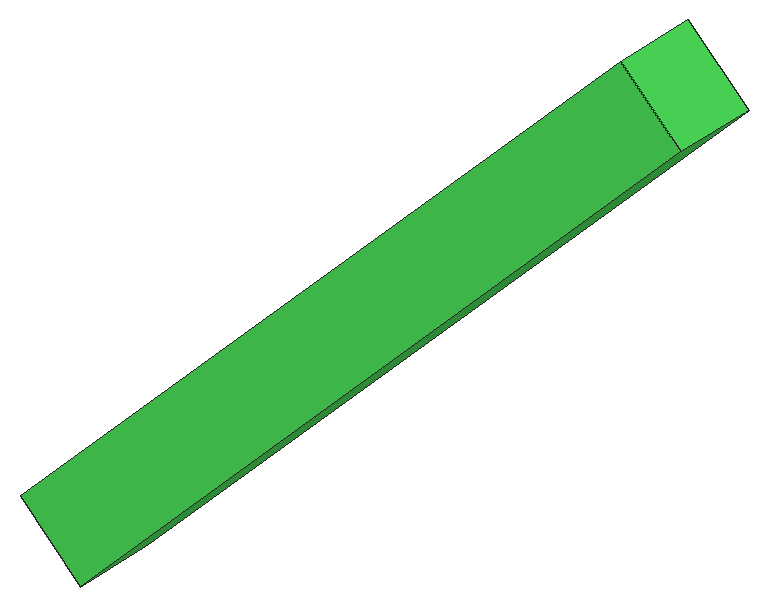
Revit family "機器サポート_等辺山形鋼", category Generic Models, Revit 2023
Family settings
  Can host rebar = No
  Round Connector Dimension = Use Diameter
  Part Type = Normal
  Work Plane-Based = Yes
  Always vertical = No
  Cut with Voids When Loaded = No
  Maintain Annotation Orientation = No
  Shared = No
  Room Calculation Point = No
Parameters (values of type "L 100 x 100")
  高さ = 100 mm
  長辺 [instance] = 長さ  # 1000 mm
  長さ [instance] = 1000 mm
  部屋名 = ""
  角度 [instance] = 45.00°
  Default Elevation = 1219.2 mm
  構造マテリアル = E003_機器サポート
  幅 = 100 mm
Types (18, lengths in mm): name | 高さ | 幅
  L 120 x 120 | 120 | 120
  L 130 x 130 | 130 | 130
  L 150 x 150 | 150 | 150
  L 175 x 175 | 175 | 175
  L 200 x 200 | 200 | 200
  L 25 x 25 | 25 | 25
  L 250 x 250 | 250 | 250
  L 30 x 30 | 30 | 30
  L 45 x 45 | 45 | 45
  L 50 x 50 | 50 | 50
  L 60 x 60 | 60 | 60
  L 65 x 65 | 65 | 65
  L 70 x 70 | 70 | 70
  L 75 x 75 | 75 | 75
  L 80 x 80 | 80 | 80
  L 90 x 90 | 90 | 90
  L 100 x 100 | 100 | 100
  L 40 x 40 | 40 | 40
Reference planes
  plane 1 "中心(正面/背面)": y = 0
  plane 2: z = 0
  plane 3 "中心(左/右)": x = 0
Lines and regions (mm)
  reference lines
    curve 1: line (0, 0, 0) -> (848.528, 0, 848.528)
    curve 2: line (35.355, 0, -35.355) -> (-35.355, 0, 35.355)
    curve 3: line (742.462, 0, 671.751) -> (671.751, 0, 742.462)
Dimensions and locks
  equal spacing: curve 2, curve 1, curve 2
  "高さ": curve 2 to curve 2
  equal spacing: curve 3, curve 1, curve 3
  "高さ": curve 3 to curve 3
  "長さ": curve 2 to curve 3
  "角度": angle level to curve 1
  angle curve 2 to curve 1 = 90.00°
  angle curve 3 to curve 1 = 90.00°
  aligned and locked: level to plane 2
  aligned and locked: level to curve 1
  aligned and locked: plane 3 "中心(左/右)" to curve 1
  aligned and locked: nested 1 to curve 1
Nested families
  nested 1: "グレーチング_等辺山形鋼" at (-35.355, 0, 35.355) x (0, 1, 0) z (0.7071, 0, -0.7071), 長さ <- "長さ", type "L 25 x 25"
    with 長辺 1000 mm, 長さ 1000 mm, 高さ 100 mm, 幅 100 mm
Definition of nested family "グレーチング_等辺山形鋼"
  Parameters (values of type "L 25 x 25")
    高さ = 25 mm
    長辺 [instance] = 長さ  # 1000 mm
    長さ [instance] = 1000 mm
    部屋名 = ""
    Default Elevation = 1219.2 mm
    構造マテリアル = none
    幅 = 25 mm
  Reference planes
    plane 1 "中心(正面/背面)": y = 0
    plane 2: z = 0
    plane 3 "中心(左/右)": x = 0
    plane 4: z = 12.5
    plane 5: z = 25
  Forms (mm)
    Extrusion 1, solid, material <- "構造マテリアル"
      sketch origin (0, 0, 0) x (1, 0, 0) y (0, 1, 0)
        loop
          line (-12.5, 1000) -> (-12.5, 0) -> (12.5, 0) -> (12.5, 1000) -> (-12.5, 1000)
      from 0 to 25
  Lines and regions (mm)
    reference lines
      curve 1: line (12.5, 1000, 0) -> (-12.5, 1000, 0)
      curve 2: line (12.5, 0, 0) -> (-12.5, 0, 0)
  Dimensions and locks
    "長さ": curve 1 to curve 2
    "幅": Extrusion 1 to Extrusion 1
    equal spacing: Extrusion 1, plane 3 "中心(左/右)", Extrusion 1
    "幅": curve 1 to curve 1
    equal spacing: curve 1, plane 3 "中心(左/右)", curve 1
    "幅": curve 2 to curve 2
    equal spacing: curve 2, plane 3 "中心(左/右)", curve 2
    equal spacing: plane 5, plane 4, level
    "高さ": plane 5 to level
    aligned and locked: level to plane 2
    aligned and locked: Extrusion 1 to curve 2
    aligned and locked: curve 1 to Extrusion 1
    aligned and locked: plane 5 to Extrusion 1
  Automatic sketch dimensions
    Extrusion 1 sketch curve to plane 3 "中心(左/右)" = 12.5 mm
    plane 3 "中心(左/右)" to Extrusion 1 sketch curve = 12.5 mm
    plane 1 "中心(正面/背面)" to Extrusion 1 sketch curve = 0 mm
    Extrusion 1 sketch curve to plane 1 "中心(正面/背面)" = 1000 mm
    plane 1 "中心(正面/背面)" to curve 2 = 0 mm
